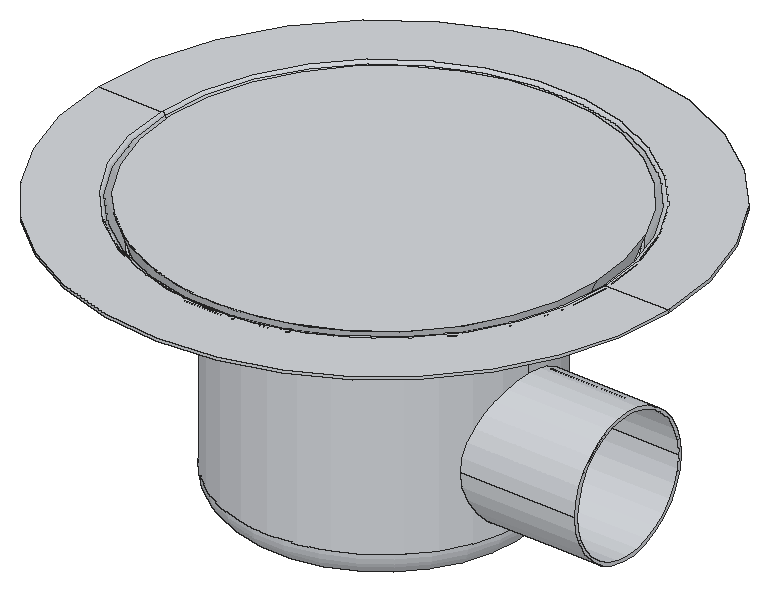
Revit family "S-399_Horizontal", category Plumbing Fixtures, Revit 2015
Parameters (values of type "S-399_Horizontal_ABS White")
  WFU = 1
  URL = "http://www.jimten.com/en/producto/328/sumidero-para-suelo-vinilico-salida-horizontal"
  Total Minimum Height = "100 mm"  # constant formula
  Size = "Ø160 mm"  # constant formula
  Reference = "12448"  # constant formula
  Outlet = "50M"  # constant formula
  Model = "S-399"  # constant formula
  Material = ABS (White)
  Manufacturer = "Jimten"  # constant formula
  Hidraulic seal = "50 mm"  # constant formula
  Grid = INOX AISI304
  Flowrate = 0.96 L/s  # constant formula
  Diameter = 50 mm
  Description = "VINYL FLOOR GULLY, REMOVABLE TRAP, WITH HAIR FILTER, HORIZONTAL OUTLET, WITH GRID, VANDAL SAFE"  # constant formula
  Type Comments = "WITH PRESSING RING FOR VINYL WATERPROOFING MEMBRANES. WITH PROTECTION COVER "  # constant formula
  Clase de carga = "K3"  # constant formula
Reference planes
  plane 1 "Center (Front/Back)": y = 0
  plane 2: z = 0
  plane 3 "Center (Left/Right)": x = 0
Dimensions and locks
  aligned and locked: level to plane 2
  aligned and locked: level to nested 1
Nested families
  nested 1: "S-399-OutletHorizontal" at (0, 0, 0), type "S-399-OutletHorizontal"
  nested 2: "S-399-Grid" at (0, 0, 0), type "S-399-Grid"
Connectors
  piping at (92.509, 0, -65), diameter 50, driven by "Diameter", driven by "WFU", driven by "Flowrate"
    settings: on nested 1, index 1, connector inside diameter 609.6 mm, connector length 0 mm, flow factor 0, pipe flow 0.96 L/s, pressure drop 0.0 Pa, fitting loss kfactor 0, connector angle 0.00°, fixture units 1, engagement length 0 mm, angle of deflection 0.00°, flow configuration 0, flow direction 2, fitting loss method 0, system type 16, joint type 0, gender type 0, connector reference index -1, connector utility 0, adjustable connector yes, is connector primary yes, connector description ""
Definition of nested family "S-399-OutletHorizontal"
  Parameters (values of type "S-399-OutletHorizontal")
    MaterialOutlet = none
  Reference planes
    plane 1 "Center (Front/Back)": y = 0
    plane 2: z = 0
    plane 3 "Center (Left/Right)": x = 0
    plane 4: z = -100
    plane 5: z = -113
    plane 6: x = -25
    plane 7: x = 25
    plane 8: z = -65
    plane 9: x = 92.509
  Forms (mm)
    Revolve 1, solid
      sketch origin (0, 0, 0) x (1, 0, 0) y (0, 0, 1)
        loop
          arc (55, -16.606) -> (55.293, -15.899) -> (56, -15.606) r 1
          line (56, -15.606) -> (76.629, -15.606)
          arc (76.629, -15.606) -> (77.434, -15.366) -> (77.976, -14.724) r 1.469
          line (77.976, -14.724) -> (83.69, -1.601)
          arc (83.69, -1.601) -> (84.059, -1.164) -> (84.607, -1) r 1
          line (84.607, -1) -> (108, -1) -> (108, 0) -> (84.31, 0)
          arc (84.31, 0) -> (83.489, -0.245) -> (82.936, -0.899) r 1.5
          line (82.936, -0.899) -> (77.198, -14.007)
          arc (77.198, -14.007) -> (76.829, -14.443) -> (76.282, -14.606) r 1
          line (76.282, -14.606) -> (56, -14.606)
          arc (56, -14.606) -> (54.586, -15.192) -> (54, -16.606) r 2
          line (54, -16.606) -> (54, -90)
          arc (54, -90) -> (51.364, -96.364) -> (45, -99) r 9
          line (45, -99) -> (0, -99) -> (0, -100) -> (45, -100)
          arc (45, -100) -> (52.071, -97.071) -> (55, -90) r 10
          line (55, -90) -> (55, -16.606)
        axis (0, 0) -> (0, -100)
      angle from 0 to 360
    Revolve 2, solid
      sketch origin (-6.158, -0.419, 0) x (1, 0, 0) y (0, 0, 1)
        loop
          line (75.98, -18) -> (75.98, -10.167) -> (73.872, -15.009)
          arc (73.872, -15.009) -> (73.503, -15.446) -> (72.955, -15.609) r 1
          line (72.955, -15.609) -> (61.5, -15.609)
          arc (61.5, -15.609) -> (60.793, -15.902) -> (60.5, -16.609) r 1
          line (60.5, -16.609) -> (60.5, -28) -> (65.98, -28)
          arc (65.98, -28) -> (73.051, -25.071) -> (75.98, -18) r 10
        axis (0, -10.167) -> (0, -28)
      angle from 0 to 7
    Revolve 3, solid
      sketch origin (0.419, -6.158, 0) x (0, 1, 0) y (0, 0, 1)
        loop
          line (75.98, -18) -> (75.98, -10.167) -> (73.872, -15.009)
          arc (73.872, -15.009) -> (73.503, -15.446) -> (72.955, -15.609) r 1
          line (72.955, -15.609) -> (61.5, -15.609)
          arc (61.5, -15.609) -> (60.793, -15.902) -> (60.5, -16.609) r 1
          line (60.5, -16.609) -> (60.5, -28) -> (65.98, -28)
          arc (65.98, -28) -> (73.051, -25.071) -> (75.98, -18) r 10
        axis (0, -10.167) -> (0, -28)
      angle from 0 to 7
    Revolve 4, solid
      sketch origin (6.158, 0.419, 0) x (-1, 0, 0) y (0, 0, 1)
        loop
          line (75.98, -18) -> (75.98, -10.167) -> (73.872, -15.009)
          arc (73.872, -15.009) -> (73.503, -15.446) -> (72.955, -15.609) r 1
          line (72.955, -15.609) -> (61.5, -15.609)
          arc (61.5, -15.609) -> (60.793, -15.902) -> (60.5, -16.609) r 1
          line (60.5, -16.609) -> (60.5, -28) -> (65.98, -28)
          arc (65.98, -28) -> (73.051, -25.071) -> (75.98, -18) r 10
        axis (0, -10.167) -> (0, -28)
      angle from 0 to 7
    Revolve 5, solid
      sketch origin (-0.419, 6.158, 0) x (0, -1, 0) y (0, 0, 1)
        loop
          line (75.98, -18) -> (75.98, -10.167) -> (73.872, -15.009)
          arc (73.872, -15.009) -> (73.503, -15.446) -> (72.955, -15.609) r 1
          line (72.955, -15.609) -> (61.5, -15.609)
          arc (61.5, -15.609) -> (60.793, -15.902) -> (60.5, -16.609) r 1
          line (60.5, -16.609) -> (60.5, -28) -> (65.98, -28)
          arc (65.98, -28) -> (73.051, -25.071) -> (75.98, -18) r 10
        axis (0, -10.167) -> (0, -28)
      angle from 0 to 7
    Extrusion 6, solid
      sketch origin (0, 0, 0) x (0, 1, 0) y (0, 0, 1)
        loop
          circle (0, -65) r 25
        loop
          circle (0, -65) r 24
      from 45.851 to 92.509
  Cuts and joins
    joined: Revolve 1, Extrusion 6
  Dimensions and locks
    level to plane 4 = 100 mm
    plane 7 to plane 6 = 50 mm
    plane 8 to plane 4 = 35 mm  (x2)
    diameter of Extrusion 6 sketch curve = 50 mm
    aligned and locked: level to plane 2
    aligned and locked: plane 8 to Extrusion 6 sketch curve  (x2)
    aligned and locked: plane 9 to Extrusion 6
Definition of nested family "S-399-Grid"
  Parameters (values of type "S-399-Rejilla")
    MaterialRejilla = none
  Reference planes
    plane 1 "Center (Front/Back)": y = 0
    plane 2: z = 0
    plane 3 "Center (Left/Right)": x = 0
    plane 4: z = -15
    plane 5 "DetalleRejilla": z = 1
  Forms (mm)
    Blend 1, solid
      base sketch origin (-125.198, -1524, -15) x (-1, 0, 0) y (0, -1, 0)
        loop
          circle (-125.198, -1524) r 75
      top sketch origin (-125.198, -1524, -15) x (-1, 0, 0) y (0, -1, 0)
        loop
          circle (-125.198, -1524) r 80.5
      from 0 to 15
  Lines and regions (mm)
    model lines, detail levels medium+fine
      curve 1: line (-54.991, 1, 1) -> (-34.986, 1, 1)
      curve 2: line (-34.986, -1, 1) -> (-54.991, -1, 1)
      curve 3: line (-38.177, 39.592, 1) -> (-24.032, 25.446, 1)
      curve 4: line (-25.446, 24.032, 1) -> (-39.592, 38.177, 1)
      curve 5: line (-39.592, -38.177, 1) -> (-25.446, -24.032, 1)
      curve 6: line (-24.032, -25.446, 1) -> (-38.177, -39.592, 1)
      curve 7: line (54.991, 1, 1) -> (34.986, 1, 1)
      curve 8: line (34.986, -1, 1) -> (54.991, -1, 1)
      curve 9: line (38.177, 39.592, 1) -> (24.032, 25.446, 1)
      curve 10: line (25.446, 24.032, 1) -> (39.592, 38.177, 1)
      curve 11: line (39.592, -38.177, 1) -> (25.446, -24.032, 1)
      curve 12: line (24.032, -25.446, 1) -> (38.177, -39.592, 1)
      curve 13: line (-1, 34.986, 1) -> (-1, 54.991, 1)
      curve 14: line (1, 54.991, 1) -> (1, 34.986, 1)
      curve 15: line (1, -34.986, 1) -> (1, -54.991, 1)
      curve 16: line (-1, -54.991, 1) -> (-1, -34.986, 1)
      curve 17: line (-9.312, -2, 1) -> (-15.312, -2, 1)
      curve 18: line (-9.312, -8, 1) -> (-9.312, -2, 1)
      curve 19: line (-15.312, -8, 1) -> (-9.312, -8, 1)
      curve 20: line (-15.312, -2, 1) -> (-15.312, -8, 1)
      curve 21: line (-2.375, 29.125, 1) -> (-8.375, 29.125, 1)
      curve 22: line (-2.375, 23.174, 1) -> (-2.375, 29.125, 1)
      curve 23: line (-8.375, 29.125, 1) -> (-8.375, 23.174, 1)
      curve 24: line (-8.375, 23.174, 1) -> (-2.375, 23.174, 1)
      curve 25: line (-17.954, 26, 1) -> (-11.954, 26, 1)
      curve 26: line (-17.954, 20.049, 1) -> (-17.954, 26, 1)
      curve 27: line (-11.954, 26, 1) -> (-11.954, 20.049, 1)
      curve 28: line (-11.954, 20.049, 1) -> (-17.954, 20.049, 1)
      curve 29: line (-22.549, 8.326, 1) -> (-28.549, 8.326, 1)
      curve 30: line (-22.549, 2.375, 1) -> (-22.549, 8.326, 1)
      curve 31: line (-28.549, 8.326, 1) -> (-28.549, 2.375, 1)
      curve 32: line (-28.549, 2.375, 1) -> (-22.549, 2.375, 1)
      curve 33: line (-19.648, 17.985, 1) -> (-25.648, 17.985, 1)
      curve 34: line (-19.648, 12.034, 1) -> (-19.648, 17.985, 1)
      curve 35: line (-25.648, 17.985, 1) -> (-25.648, 12.034, 1)
      curve 36: line (-25.648, 12.034, 1) -> (-19.648, 12.034, 1)
      curve 37: line (2.375, 29.125, 1) -> (8.375, 29.125, 1)
      curve 38: line (2.375, 23.174, 1) -> (2.375, 29.125, 1)
      curve 39: line (8.375, 29.125, 1) -> (8.375, 23.174, 1)
      curve 40: line (8.375, 23.174, 1) -> (2.375, 23.174, 1)
      curve 41: line (17.954, 26, 1) -> (11.954, 26, 1)
      curve 42: line (17.954, 20.049, 1) -> (17.954, 26, 1)
      curve 43: line (11.954, 26, 1) -> (11.954, 20.049, 1)
      curve 44: line (11.954, 20.049, 1) -> (17.954, 20.049, 1)
      curve 45: line (22.549, 8.326, 1) -> (28.549, 8.326, 1)
      curve 46: line (22.549, 2.375, 1) -> (22.549, 8.326, 1)
      curve 47: line (28.549, 8.326, 1) -> (28.549, 2.375, 1)
      curve 48: line (28.549, 2.375, 1) -> (22.549, 2.375, 1)
      curve 49: line (19.648, 17.985, 1) -> (25.648, 17.985, 1)
      curve 50: line (19.648, 12.034, 1) -> (19.648, 17.985, 1)
      curve 51: line (25.648, 17.985, 1) -> (25.648, 12.034, 1)
      curve 52: line (25.648, 12.034, 1) -> (19.648, 12.034, 1)
      curve 53: line (2.375, -29.125, 1) -> (8.375, -29.125, 1)
      curve 54: line (2.375, -23.174, 1) -> (2.375, -29.125, 1)
      curve 55: line (8.375, -29.125, 1) -> (8.375, -23.174, 1)
      curve 56: line (8.375, -23.174, 1) -> (2.375, -23.174, 1)
      curve 57: line (17.954, -26, 1) -> (11.954, -26, 1)
      curve 58: line (17.954, -20.049, 1) -> (17.954, -26, 1)
      curve 59: line (11.954, -26, 1) -> (11.954, -20.049, 1)
      curve 60: line (11.954, -20.049, 1) -> (17.954, -20.049, 1)
      curve 61: line (22.549, -8.326, 1) -> (28.549, -8.326, 1)
      curve 62: line (22.549, -2.375, 1) -> (22.549, -8.326, 1)
      curve 63: line (28.549, -8.326, 1) -> (28.549, -2.375, 1)
      curve 64: line (28.549, -2.375, 1) -> (22.549, -2.375, 1)
      curve 65: line (19.648, -17.985, 1) -> (25.648, -17.985, 1)
      curve 66: line (19.648, -12.034, 1) -> (19.648, -17.985, 1)
      curve 67: line (25.648, -17.985, 1) -> (25.648, -12.034, 1)
      curve 68: line (25.648, -12.034, 1) -> (19.648, -12.034, 1)
      curve 69: line (-2.375, -15.563, 1) -> (-8.375, -15.563, 1)
      curve 70: line (-2.375, -9.563, 1) -> (-2.375, -15.563, 1)
      curve 71: line (-8.375, -9.563, 1) -> (-2.375, -9.563, 1)
      curve 72: line (-8.375, -15.563, 1) -> (-8.375, -9.563, 1)
      curve 73: line (-2.375, -29.125, 1) -> (-8.375, -29.125, 1)
      curve 74: line (-2.375, -23.174, 1) -> (-2.375, -29.125, 1)
      curve 75: line (-8.375, -29.125, 1) -> (-8.375, -23.174, 1)
      curve 76: line (-8.375, -23.174, 1) -> (-2.375, -23.174, 1)
      curve 77: line (-17.954, -26, 1) -> (-11.954, -26, 1)
      curve 78: line (-17.954, -20.049, 1) -> (-17.954, -26, 1)
      curve 79: line (-11.954, -26, 1) -> (-11.954, -20.049, 1)
      curve 80: line (-11.954, -20.049, 1) -> (-17.954, -20.049, 1)
      curve 81: line (-22.549, -8.326, 1) -> (-28.549, -8.326, 1)
      curve 82: line (-22.549, -2.375, 1) -> (-22.549, -8.326, 1)
      curve 83: line (-28.549, -8.326, 1) -> (-28.549, -2.375, 1)
      curve 84: line (-28.549, -2.375, 1) -> (-22.549, -2.375, 1)
      curve 85: line (-19.648, -17.985, 1) -> (-25.648, -17.985, 1)
      curve 86: line (-19.648, -12.034, 1) -> (-19.648, -17.985, 1)
      curve 87: line (-25.648, -17.985, 1) -> (-25.648, -12.034, 1)
      curve 88: line (-25.648, -12.034, 1) -> (-19.648, -12.034, 1)
      curve 89: line (2.375, -15.563, 1) -> (8.375, -15.563, 1)
      curve 90: line (2.375, -9.563, 1) -> (2.375, -15.563, 1)
      curve 91: line (8.375, -9.563, 1) -> (2.375, -9.563, 1)
      curve 92: line (8.375, -15.563, 1) -> (8.375, -9.563, 1)
      curve 93: line (9.312, -2, 1) -> (15.312, -2, 1)
      curve 94: line (9.312, -8, 1) -> (9.312, -2, 1)
      curve 95: line (15.312, -8, 1) -> (9.312, -8, 1)
      curve 96: line (15.312, -2, 1) -> (15.312, -8, 1)
      curve 97: line (-9.312, 2, 1) -> (-15.312, 2, 1)
      curve 98: line (-9.312, 8, 1) -> (-9.312, 2, 1)
      curve 99: line (-15.312, 8, 1) -> (-9.312, 8, 1)
      curve 100: line (-15.312, 2, 1) -> (-15.312, 8, 1)
      curve 101: line (-2.375, 15.563, 1) -> (-8.375, 15.563, 1)
      curve 102: line (-2.375, 9.563, 1) -> (-2.375, 15.563, 1)
      curve 103: line (-8.375, 9.563, 1) -> (-2.375, 9.563, 1)
      curve 104: line (-8.375, 15.563, 1) -> (-8.375, 9.563, 1)
      curve 105: line (2.375, 15.563, 1) -> (8.375, 15.563, 1)
      curve 106: line (2.375, 9.563, 1) -> (2.375, 15.563, 1)
      curve 107: line (8.375, 9.563, 1) -> (2.375, 9.563, 1)
      curve 108: line (8.375, 15.563, 1) -> (8.375, 9.563, 1)
      curve 109: line (9.312, 2, 1) -> (15.312, 2, 1)
      curve 110: line (9.312, 8, 1) -> (9.312, 2, 1)
      curve 111: line (15.312, 8, 1) -> (9.312, 8, 1)
      curve 112: line (15.312, 2, 1) -> (15.312, 8, 1)
      curve 113: arc (-54.991, -1, 1) -> (-50.813, -21.048, 1) -> (-39.592, -38.177, 1) r 55
      curve 114: arc (-34.986, -1, 1) -> (-32.336, -13.394, 1) -> (-25.446, -24.032, 1) r 35
      curve 115: arc (-39.592, 38.177, 1) -> (-50.813, 21.048, 1) -> (-54.991, 1, 1) r 55
      curve 116: arc (-25.446, 24.032, 1) -> (-32.336, 13.394, 1) -> (-34.986, 1, 1) r 35
      curve 117: arc (-1, 54.991, 1) -> (-21.048, 50.813, 1) -> (-38.177, 39.592, 1) r 55
      curve 118: arc (-1, 34.986, 1) -> (-13.394, 32.336, 1) -> (-24.032, 25.446, 1) r 35
      curve 119: arc (24.032, 25.446, 1) -> (13.394, 32.336, 1) -> (1, 34.986, 1) r 35
      curve 120: arc (38.177, 39.592, 1) -> (21.048, 50.813, 1) -> (1, 54.991, 1) r 55
      curve 121: arc (34.986, 1, 1) -> (32.336, 13.394, 1) -> (25.446, 24.032, 1) r 35
      curve 122: arc (54.991, 1, 1) -> (50.813, 21.048, 1) -> (39.592, 38.177, 1) r 55
      curve 123: arc (39.592, -38.177, 1) -> (50.813, -21.048, 1) -> (54.991, -1, 1) r 55
      curve 124: arc (25.446, -24.032, 1) -> (32.336, -13.394, 1) -> (34.986, -1, 1) r 35
      curve 125: arc (1, -54.991, 1) -> (21.048, -50.813, 1) -> (38.177, -39.592, 1) r 55
      curve 126: arc (1, -34.986, 1) -> (13.394, -32.336, 1) -> (24.032, -25.446, 1) r 35
      curve 127: arc (-24.032, -25.446, 1) -> (-13.394, -32.336, 1) -> (-1, -34.986, 1) r 35
      curve 128: arc (-38.177, -39.592, 1) -> (-21.048, -50.813, 1) -> (-1, -54.991, 1) r 55
      curve 129: circle (0, 0, 1) r 80.5 normal (0, 0, -1)
  Dimensions and locks
    plane 4 to plane 2 = 15 mm
    plane 5 "DetalleRejilla" to plane 2 = 1 mm
    aligned and locked: level to plane 2
    aligned and locked: level to Blend 1
